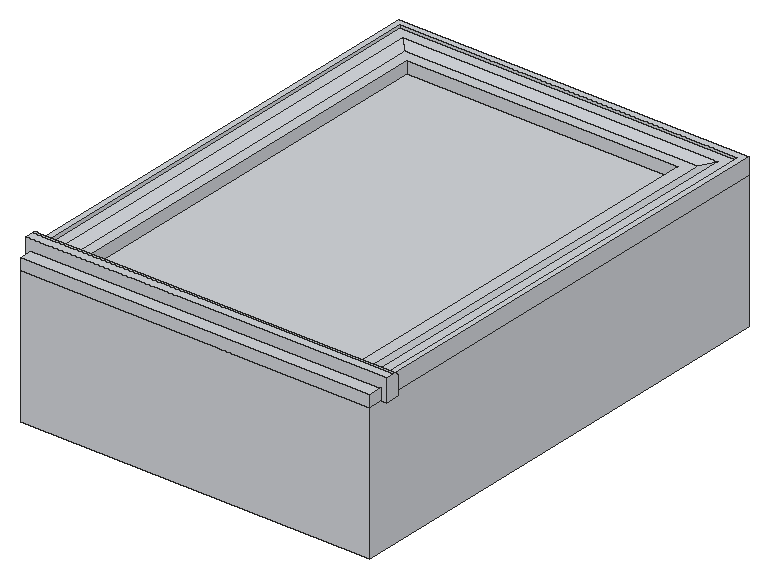
Revit family "3017ad631fdb48508a5dcf934becf286", category Generic Models, host Face, Revit 2021
Family settings
  Host = Face
  Can host rebar = No
  Round Connector Dimension = Use Diameter
  Part Type = Normal
  Cut with Voids When Loaded = No
  Shared = Yes
  Room Calculation Point = No
Parameters (values of type "with Apron")
  Trim Width = 0' - 3 1/2"
  Trim Thickness = 0' - 1 1/4"
  Trim Material [instance] = none
  Sill Thickness = 0' - 1 1/4"
  Opening Width [instance] = 2' - 0"
  Opening Height [instance] = 3' - 0"
  Default Elevation = 4' - 0"
  Backband Width = 0' - 0 1/2"
  Backband Thickness = 0' - 0 1/4"
  Apron Visibility = yes
  Apron Thickness = 0' - 1 1/4"
Types (2): name | Apron Visibility
  with Apron | yes
  without Apron | no
Reference planes (in)
  plane 1 "Center (Front/Back)": y = 0
  plane 2: z = 0
  plane 3 "Center (Left/Right)": x = 0
  plane 4: y = 3.5
  plane 5 "Left": x = -12
  plane 6 "Right": x = 12
  plane 7 "Bottom": y = -36
  plane 8: x = 15.5
  plane 9: x = -15.5
  plane 10: z = 1.25
  plane 11: x = 16
  plane 12: x = -16
  plane 13: y = -37.25
  plane 14: y = -18
  plane 15: x = -15
  plane 16: x = 15
  plane 17: z = 1.5
  plane 18: y = -38.5
  plane 19: z = 1
  plane 20: z = 1
  plane 21: z = 0.5
  plane 22: x = -13
  plane 23: x = -14
  plane 24: z = 0.75
  plane 25: z = 2
  plane 26: z = 1.5
  plane 27: y = -36.5
Forms (in)
  Extrusion 1, solid
    sketch origin (0, 0, 0) x (1, 0, 0) y (0, 1, 0)
      loop
        line (-15.5, 3.5) -> (-15.5, -38.5) -> (15.5, -38.5) -> (15.5, 3.5) -> (-15.5, 3.5)
    from 0 to -12
  Extrusion 2, solid, material <- "Trim Material"
    sketch origin (0, 0, 0) x (0, 1, 0) y (0, 0, 1)
      loop
        line (-36, 0) -> (-36, 1.5)
        arc (-36, 1.5) -> (-36.14645, 1.85355) -> (-36.5, 2) r 0.5
        line (-36.5, 2) -> (-37.25, 2) -> (-37.25, 0) -> (-36, 0)
    from -16 to 16
  Sweep 3, solid, material <- "Trim Material"
    path origin (0, 0, 0) x (1, 0, 0) y (0, 1, 0)
      loop
        line (12, -36) -> (12, 0) -> (-12, 0) -> (-12, -36)
    profile origin (-12, -18, 0) x (1, 0, 0) y (0, 0, 1)
      loop
        line (0, 0) -> (0, 1) -> (-1, 1) -> (-2, 1.25) -> (-3, 1.25) -> (-3, 1.5) -> (-3.5, 1.5) -> (-3.5, 0) -> (0, 0)
  Extrusion 4, solid, material <- "Trim Material", visible <- "Apron Visibility"
    sketch origin (-12, 0, 0) x (0, 1, 0) y (0, 0, 1)
      loop
        line (-37.25, 1) -> (-38.5, 1) -> (-38.5, 0) -> (-37.25, 0) -> (-37.25, 1)
    from -3.5 to 27.5
Dimensions and locks (in)
  equal spacing: plane 5 "Left", plane 3 "Center (Left/Right)", plane 6 "Right"
  "Opening Width": plane 5 "Left" to plane 6 "Right"
  "Opening Height": plane 7 "Bottom" to plane 1 "Center (Front/Back)"
  "Trim Width": plane 9 to plane 5 "Left"
  "Trim Width": plane 6 "Right" to plane 8
  "Trim Width": plane 1 "Center (Front/Back)" to plane 4
  locked: plane 12 to plane 9 at 0.5
  locked: plane 8 to plane 11 at 0.5
  equal spacing: plane 7 "Bottom", plane 14, plane 1 "Center (Front/Back)"
  "Trim Thickness": plane 10 to plane 2
  "Sill Thickness": plane 7 "Bottom" to plane 13
  "Backband Width": plane 16 to plane 8
  "Backband Width": plane 9 to plane 15
  "Backband Thickness": plane 10 to plane 17
  "Apron Thickness": plane 18 to plane 13
  locked: plane 19 to plane 2 at 1
  equal spacing: plane 2, plane 21, plane 20, plane 17
  equal spacing: plane 5 "Left", plane 22, plane 23, plane 15
  equal spacing: plane 21, plane 24, plane 20
  locked: plane 7 "Bottom" to plane 27 at 0.5
  locked: plane 25 to plane 26 at 0.5
  locked: plane 25 to plane 10 at 0.75
  radius of Extrusion 2 sketch curve = 0' - 0 1/2"
  locked: Extrusion 2 sketch curve to Extrusion 2 sketch curve (angle 90.00°)
  aligned and locked: plane 2 to Extrusion 1
  aligned and locked: level to Extrusion 1
  aligned and locked: Extrusion 2 sketch curve to level
  aligned and locked: plane 7 "Bottom" to Extrusion 2 sketch curve
  aligned and locked: plane 12 to Extrusion 2
  aligned and locked: Extrusion 2 to plane 11
  aligned and locked: Sweep 3 sketch curve to plane 5 "Left"
  aligned and locked: Sweep 3 sketch curve to plane 1 "Center (Front/Back)"
  aligned and locked: Sweep 3 sketch curve to plane 6 "Right"
  aligned and locked: plane 7 "Bottom" to Sweep 3 sketch curve  (x2)
  aligned and locked: Sweep 3 sketch curve to plane 2
  aligned and locked: plane 9 to Sweep 3 sketch curve
  aligned and locked: plane 5 "Left" to Sweep 3 sketch curve  (x2)
  aligned and locked: Sweep 3 sketch curve to plane 9
  aligned and locked: plane 2 to Sweep 3 sketch curve
  aligned and locked: plane 2 to Extrusion 4 sketch curve
  aligned and locked: plane 13 to Extrusion 4 sketch curve
  aligned and locked: plane 19 to Extrusion 4 sketch curve
  aligned and locked: plane 18 to Extrusion 4 sketch curve
  aligned and locked: plane 9 to Extrusion 4
  aligned and locked: Extrusion 4 to plane 8
  aligned and locked: plane 10 to Sweep 3 sketch curve  (x2)
  aligned and locked: plane 23 to Sweep 3 sketch curve
  aligned and locked: plane 20 to Sweep 3 sketch curve
  aligned and locked: plane 22 to Sweep 3 sketch curve
  aligned and locked: Sweep 3 sketch curve to plane 20
  aligned and locked: plane 15 to Sweep 3 sketch curve
  aligned and locked: plane 17 to Sweep 3 sketch curve
  aligned and locked: Sweep 3 sketch curve to plane 15
  aligned and locked: plane 26 to Extrusion 2 sketch curve  (x2)
  aligned and locked: plane 25 to Extrusion 2 sketch curve
  aligned and locked: plane 27 to Extrusion 2 sketch curve
  aligned and locked: plane 13 to Extrusion 2 sketch curve
Automatic sketch dimensions
  Extrusion 1 sketch curve to Extrusion 1 sketch curve = 2' - 7"
  Extrusion 1 sketch curve to Extrusion 1 sketch curve = 3' - 6"
